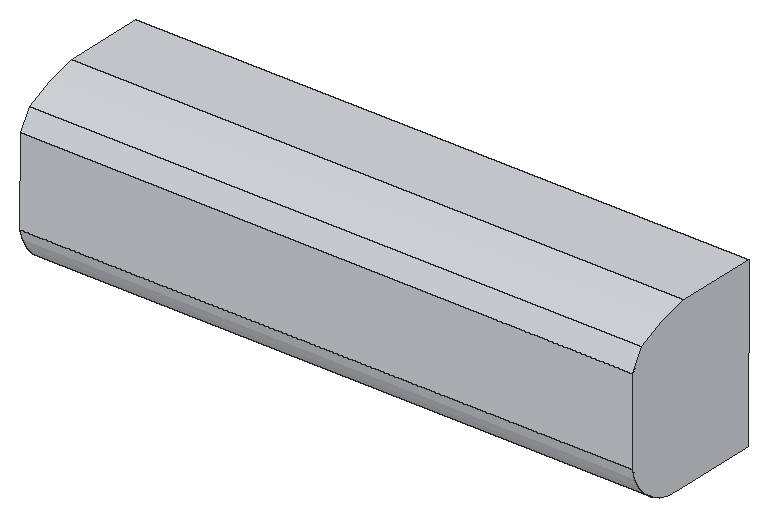
Revit family "Hitachi_RAS-S50_S60_S70_S80YHA_0718", category Mechanical Equipment, Revit 2015
Parameters (values of type "RAS-S60YHA")
  Width = 1100 mm  # constant formula
  Weight (kg) = 15
  URL = "www.temperzone.biz"
  Pipe Length (min./max.) = "3m to 30m"
  Pipe Height (max.) = "20m"
  Pipe Connection Size - Gas = 12.70 mm  # constant formula
  Pip Connection Size - Liquid = 6.4 mm  # 6.40 mm
  Model - Outdoor = "RAC-S60YHA"
  Model = "RAS-S60YHA"
  Manufacturer = "Hitachi"  # constant formula
  Height = 300 mm  # constant formula
  Heating Range (kW) = "1.2 kW to 8.0 kW"
  Heating Capacity = 6 kW
  Description = "Hitachi Wall Mounted 5.0kW Heatpump RAS-S60YHA"
  Depth = 260 mm  # constant formula
  Cooling Range (kW) = "1.2 kW to 6.5 kW"
  Cooling Capacity = 5 kW
Types (4, lengths in mm): name | Model - Outdoor | Model | Heating Range (kW) | Heating Capacity | Description | Cooling Range (kW) | Cooling Capacity
  RAS-S80YHA | "RAC-S80YHA" | "RAS-S80YHA" | "1.5 kW to 9.5 kW" | 9 kW | "Hitachi Wall Mounted 8.0kW Heatpump RAS-S80YHA" | "1.5 kW to 8.5 kW" | 8 kW
  RAS-S70YHA | "RAC-S70YHA" | "RAS-S70YHA" | "1.5 kW to 8.5 kW" | 8 kW | "Hitachi Wall Mounted 7.0kW Heatpump RAS-S70YHA" | "1.5 kW to 8.0 kW" | 7 kW
  RAS-S50YHA | "RAC-S50YHA" | "RAS-S50YHA" | "1.2 kW to 6.8 kW" | 6 kW | "Hitachi Wall Mounted 5.0kW Heatpump RAS-S50YHA" | "1.2 kW to 5.8 kW" | 5 kW
  RAS-S60YHA | "RAC-S60YHA" | "RAS-S60YHA" | "1.2 kW to 8.0 kW" | 6 kW | "Hitachi Wall Mounted 5.0kW Heatpump RAS-S60YHA" | "1.2 kW to 6.5 kW" | 5 kW
Reference planes
  plane 1 "Center (Front/Back)": y = 0
  plane 2: z = 0
  plane 3 "Center (Left/Right)": x = 0
  plane 4: x = -550
  plane 5: x = 550
  plane 6: z = 300
  plane 7: y = -260
Forms (mm)
  Extrusion 1, solid
    sketch origin (0, 0, 0) x (0, 1, 0) y (0, 0, 1)
      loop
        line (0, 300) -> (-145, 300)
        arc (-145, 300) -> (-193.283, 285.241) -> (-239.552, 265.036) r 439.047
        arc (-239.552, 265.036) -> (-250.521, 248.993) -> (-260, 232.026) r 215.433
        line (-260, 232.026) -> (-260, 77.026)
        arc (-260, 77.026) -> (-225.223, 19.931) -> (-161.411, 0) r 94.765
        line (-161.411, 0) -> (0, 0) -> (0, 300)
    from -550 to 550
Dimensions and locks
  equal spacing: plane 4, plane 3 "Center (Left/Right)", plane 5
  "Width": plane 4 to plane 5
  "Depth": plane 7 to plane 1 "Center (Front/Back)"
  "Height": plane 6 to plane 2
  aligned and locked: level to plane 2
  aligned and locked: plane 5 to Extrusion 1
  aligned and locked: Extrusion 1 to plane 4
Automatic sketch dimensions
  Extrusion 1 sketch curve to plane 7 = 0 mm
  Extrusion 1 sketch curve to level = 0 mm
  Extrusion 1 sketch curve to plane 6 = 0 mm
  level to Extrusion 1 sketch curve = 77.026 mm
  Extrusion 1 sketch curve to plane 1 "Center (Front/Back)" = 0 mm
  plane 7 to Extrusion 1 sketch curve = 98.589 mm
  plane 7 to Extrusion 1 sketch curve = 115 mm
  plane 7 to Extrusion 1 sketch curve = 20.448 mm
  plane 7 to Extrusion 1 sketch curve = 93.12 mm
  plane 1 "Center (Front/Back)" to Extrusion 1 sketch curve = 67.379 mm
  plane 1 "Center (Front/Back)" to Extrusion 1 sketch curve = 41.007 mm
  Extrusion 1 sketch curve to Extrusion 1 sketch curve = 67.974 mm
  Extrusion 1 sketch curve to level = 126.553 mm
